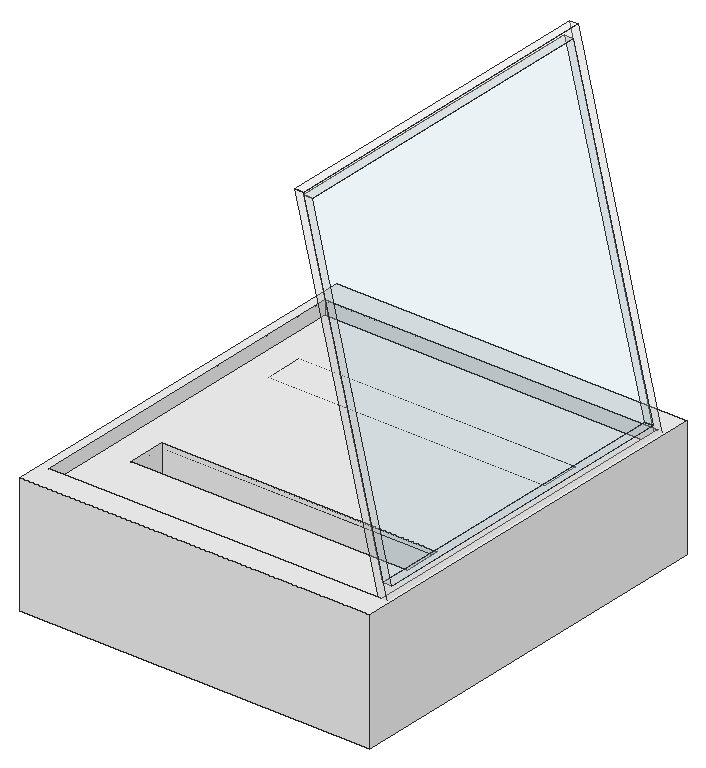
Revit family "Building-ContenitoriParete-GEWISS-40CDK-CENTRALINI_IP65_2X", category Apparecchi elettrici, host Superficie, Revit 2016
Family settings
  Host = Superficie
  Mantenere orientamento annotazione = Sì
  Tipo di parte = Normale
  Quota connettore circolare = Usa diametro
  Numero OmniClass = 23.80.30.11.17
  Titolo OmniClass = Distribution Boards and Control Panels
  Taglio con vuoti quando caricato = No
  Condiviso = No
  Punto di calcolo locali = Sì
Parameters (values of type "GW40107 - QUADRO DIS.PARETE 36M.(18X2) IP65")
  voltaggio_quadro = 0 V
  fase1 = 0 VA
  Versione file RFA = "18.0"
  VISIBILITA'_QUADRO_IN PIANTA [instance] = yes
  VISIBILITA'_ETICHETTA QUADRO [instance] = yes
  URL = "https://www.gewiss.com/it/it"
  Tipo Materiale = "Halogen free secondo norma EN 60754-2"
  Termopressione con biglia = "70 °C"
  Tensione nominale di isolamento (Ui) = "1000 V"
  Tensione nominale = "400V"
  Tensione di isolamento: = "1000 V secondo EN 62208 sia in ac che in dc"
  Temperatura di impiego = "-25 +60 °C"
  Spostamento_x [instance] = 1000 mm
  Spostamento_effettivo_x [instance] = 1000 mm + Spostamento_x  # 2000 mm
  Spostamento_effettivo_x_ET [instance] = 1000 mm + Spostamento_x_ET  # 2000 mm
  Spostamento_x_ET = 1000 mm
  VISIBILITA'_SPORTELLO [instance] = yes
  VISIBILITA'_SIMBOLO_2D [instance] = yes
  Scheda Tecnica = "https://www.gewiss.com/it/it/search?q=GW40107"
  SEO = "Quadro"
  Resistenza agli urti = "IK09"
  QUADRO = FINITURA BIANCA
  Default Elevation = 1219.2 mm
  Prondita_quadro = 140 mm  # constant formula
  Produttore = "GEWISS S.p.A."
  Potenza dissipabile (W) = "43"
  Normativa = "EN 60670-1 (CEI 23-48) IEC60670-24 CEI 23-49"
  Norma di riferimento = "EN 60670-1 (CEI 23-48) IEC60670-24 CEI 23-49"
  Nome quadro [instance] = "Nome quadro"
  N.M. = 18
  N. mod. EN 50022: = "36 (18x2)"
  N. mod. EN 50022 = "36 (18x2)"
  Modello = "GW40107"
  Max.morsettiere installabili = "2 x18 moduli"
  L_quadro = 410 mm
  L_finestratura = Dimensione_modulo * N.M.  # 324 mm
  IDT = "3c4ae22a-7553-4dc5-ae30-2fcf832f6236"
  IDF = "9199d71a-6e6e-4f8a-8deb-20131af3a072"
  H_quadro = 463 mm
  H_finestratura = 45 mm  # constant formula
  Grado di protezione = "IP65"
  Glow Wire Test = "650°C"
  Dimensione_modulo = 18 mm
  Dim. esterne BxHxP (mm) = "410x463x140"
  Diametro_tubazione = 30 mm
  Descrizione = "QUADRO DIS.PARETE 36M.(18X2) IP65"
  Creato da GEWISS S.p.A. = ""
  Corrente nominale: = "125A"
  Colore porta = "Trasparente fume'"
  Colore = "Grigio RAL 7035"
  Codice Electrocod = "0321"
  Codice EAN = "8011564062221"
  Classe isolamento = "II (secondo Norma IEC 61140)"
  Catalogo Serie = "40 CDK"
  Catalogo = "BUILDING"
  COBie.Tagnumber = ""
  COBie.CreatedOn = ""
  COBie.CreatebBy = ""
  COBie.ComponentRegisterItemID = ""
  COBie.Component.TagNumber = ""
  COBie.Component.Space = ""
  COBie.Component.SerialNumber = ""
  COBie.Component.InstallationDate = ""
  COBie.Component.Description = ""
  COBie.Component.BarCode = ""
  Apertura [instance] = 45.00°
  Accessori per ripristino isolamento = "Tappi coprivite (GW44623) o staffe di fissaggio in resina (GW44621)"
Types (2, lengths in mm): name | Scheda Tecnica | Potenza dissipabile (W) | N.M. | N. mod. EN 50022: | N. mod. EN 50022 | Modello | Max.morsettiere installabili | L_quadro | L_finestratura | IDT | H_quadro | Dim. esterne BxHxP (mm) | Descrizione | Codice EAN
  GW40104 - QUADRO DIS.PARETE 24M.(12X2) IP65 | "https://www.gewiss.com/it/it/search?q=GW40104" | "32" | 12 | "24 (12X2)" | "24" | "GW40104" | "2 x 12 moduli" | 280 | 216 | "a213a277-fb7b-45c7-b5b3-717e799144de" | 420 | "298x420x140" | "QUADRO DIS.PARETE 24M.(12X2) IP65" | "8011564062207"
  GW40107 - QUADRO DIS.PARETE 36M.(18X2) IP65 | "https://www.gewiss.com/it/it/search?q=GW40107" | "43" | 18 | "36 (18x2)" | "36 (18x2)" | "GW40107" | "2 x18 moduli" | 410 | 324 | "3c4ae22a-7553-4dc5-ae30-2fcf832f6236" | 463 | "410x463x140" | "QUADRO DIS.PARETE 36M.(18X2) IP65" | "8011564062221"
Reference planes
  plane 1 "Centro (Fronte/Retro)": y = 0
  plane 2: z = 0
  plane 3 "Centro (Sinistra/Destra)": x = 0
  plane 4: x = -205
  plane 5: y = -231.5
  plane 6: x = 205
  plane 7: y = 231.5
  plane 8: x = -162
  plane 9: x = 162
  plane 10: z = 140
  plane 11: y = 201.5
  plane 12: y = -201.5
  plane 13 "POSIZIONE": z = 124
  plane 14: z = 84
  plane 15: z = 119
  plane 16: x = -2000
  plane 17: x = 0
  plane 18: y = 189.526
  plane 19: z = 534
  plane 20: y = -100.75
  plane 21: y = 100.75
  plane 22: y = -78.25
  plane 23: y = -123.25
  plane 24: y = 78.25
  plane 25: y = 123.25
  plane 26: y = 37.5
  plane 27: x = -195
  plane 28: x = 195
  plane 29: x = 0
  plane 30: y = -37.5
  plane 31: y = 191.5
  plane 32: y = -191.5
Forms (mm)
  Extrusion 1, solid, material "FINITURA BIANCA" <- "QUADRO"
    sketch origin (0, 0, 0) x (1, 0, 0) y (0, 1, 0)
      loop
        line (-205, 231.5) -> (-205, -231.5) -> (205, -231.5) -> (205, 231.5) -> (-205, 231.5)
    from 0 to 140
  Extrusion 2, void
    sketch origin (0, 0, 0) x (1, 0, 0) y (0, 1, 0)
      loop
        line (-195, 201.5) -> (-195, -201.5) -> (195, -201.5) -> (195, 201.5) -> (-195, 201.5)
    from 124 to 140
  Extrusion 3, void
    sketch origin (0, 0, 0) x (1, 0, 0) y (0, 1, 0)
      loop
        line (-162, -78.25) -> (-162, -123.25) -> (162, -123.25) -> (162, -78.25) -> (-162, -78.25)
    from 84 to 140
  Extrusion 4, solid, material "Default - Vetro", visible <- "VISIBILITA'_SPORTELLO"
    sketch origin (23.292, 0, -21.697) x (0.970296, 0, 0.241922) y (-0.241922, 0, 0.970296)
      loop
        line (211.558, 97.41) -> (211.558, 519.962) -> (201.558, 522.455) -> (201.558, 99.903) -> (211.558, 97.41)
    from -201.5 to 201.5
  Extrusion 5, void
    sketch origin (0, 155, 0) x (1, 0, 0) y (0, 1, 0)
      loop
        line (-162, -31.75) -> (-162, -76.75) -> (162, -76.75) -> (162, -31.75) -> (-162, -31.75)
    from 44 to 100
  Extrusion 6, solid, material "SUP_TRASPARENTE"
    sketch origin (0, 0, 124) x (-1, 0, 0) y (0, -1, 0)
      loop
        line (162, -123.25) -> (162, -78.25) -> (-162, -78.25) -> (-162, -123.25) -> (162, -123.25)
      loop
        line (162, 78.25) -> (162, 123.25) -> (-162, 123.25) -> (-162, 78.25) -> (162, 78.25)
    from -5 to 0
  Extrusion 7, void
    sketch origin (0, 0, 0) x (1, 0, 0) y (0, 0, 1)
      loop
        line (198.517, 150) -> (105.269, 524) -> (94.963, 524) -> (188.211, 150) -> (198.517, 150)
    from -191.5 to 191.5
  Extrusion 8, solid, material "Vetro", visible <- "VISIBILITA'_SPORTELLO"
    sketch origin (0, 0, 0) x (1, 0, 0) y (0, 0, 1)
      loop
        line (94.963, 524) -> (188.211, 150) -> (198.517, 150) -> (105.269, 524) -> (94.963, 524)
    from -191.5 to 191.5
Cuts and joins
  Extrusion 2, Extrusion 3, Extrusion 5 cuts Extrusion 1
  Extrusion 7 cuts Extrusion 4
Lines and regions (mm)
  Masking region 1, visible <- "VISIBILITA'_QUADRO_IN PIANTA"
    outline origin (0, 0, 0) x (1, 0, 0) y (0, 0, 1)
      loop
        line (-205, 140) -> (-205, 0) -> (205, 0) -> (205, 140) -> (-205, 140)
  symbolic lines, visible <- "VISIBILITA'_QUADRO_IN PIANTA"
    curve 1: arc (-205, 0, 140) -> (-173.791, 0, 296.9) -> (-84.914, 0, 429.914) r 410
    curve 2: line (-84.914, 0, 429.914) -> (205, 0, 140)
  model lines, style "InvisibleLines"
    curve 3: line (-162, -100.75, 124) -> (162, -100.75, 124)
    curve 4: line (-162, 100.75, 124) -> (162, 100.75, 124)
Dimensions and locks
  equal spacing: plane 8, plane 3 "Centro (Sinistra/Destra)", plane 9
  equal spacing: plane 4, plane 3 "Centro (Sinistra/Destra)", plane 6
  equal spacing: plane 7, plane 1 "Centro (Fronte/Retro)", plane 5
  "L_quadro": plane 4 to plane 6
  "H_quadro": plane 7 to plane 5
  "Prondita_quadro": plane 10 to plane 2
  "L_finestratura": plane 8 to plane 9
  locked: plane 7 to plane 11 at 30
  locked: plane 12 to plane 5 at 30
  locked: plane 13 "POSIZIONE" to plane 14 at 40
  locked: plane 10 to plane 13 "POSIZIONE" at 16
  locked: plane 13 "POSIZIONE" to plane 15 at 5
  plane 16 to plane 3 "Centro (Sinistra/Destra)" = 2000 mm
  "Spostamento_effettivo_x": plane 16 to plane 17
  "L_quadro": plane 19 to plane 13 "POSIZIONE"
  equal spacing: plane 12, plane 20, plane 1 "Centro (Fronte/Retro)"
  equal spacing: plane 11, plane 21, plane 1 "Centro (Fronte/Retro)"
  equal spacing: plane 22, plane 20, plane 23
  equal spacing: plane 25, plane 21, plane 24
  "H_finestratura": plane 25 to plane 24
  "H_finestratura": plane 22 to plane 23
  locked: plane 4 to plane 27 at 10
  locked: plane 28 to plane 6 at 10
  "Spostamento_effettivo_x_ET": plane 16 to plane 29
  equal spacing: plane 30, plane 1 "Centro (Fronte/Retro)", plane 26
  locked: Extrusion 7 sketch curve to plane 10 at 10
  locked: plane 19 to Extrusion 7 sketch curve at 10
  locked: plane 32 to plane 12 at 10
  locked: plane 11 to plane 31 at 10
  locked: plane 30 to plane 26 at 75
  "Apertura": angle curve 1 to curve 1
  aligned and locked: plane 2 to host face
  aligned and locked: level to host face
  aligned and locked: Extrusion 1 sketch curve to plane 4
  aligned and locked: Extrusion 1 sketch curve to plane 7
  aligned and locked: Extrusion 1 sketch curve to plane 6
  aligned and locked: Extrusion 1 sketch curve to plane 5
  aligned and locked: plane 10 to Extrusion 1
  aligned and locked: Extrusion 2 sketch curve to plane 11
  aligned and locked: Extrusion 2 sketch curve to plane 12
  aligned and locked: Extrusion 2 to plane 13 "POSIZIONE"
  aligned and locked: plane 10 to Extrusion 2
  aligned and locked: Extrusion 3 sketch curve to plane 8
  aligned and locked: Extrusion 3 sketch curve to plane 9
  aligned and locked: Extrusion 3 to plane 14
  aligned and locked: plane 10 to Extrusion 3
  aligned and locked: Masking region 1 sketch curve to plane 4
  aligned and locked: Masking region 1 sketch curve to plane 6
  aligned and locked: Masking region 1 sketch curve to level
  aligned and locked: Masking region 1 sketch curve to plane 10
  aligned and locked: plane 11 to Extrusion 4
  aligned and locked: Extrusion 4 to plane 12
  aligned and locked: Extrusion 4 sketch curve to plane 13 "POSIZIONE"
  aligned and locked: plane 6 to Extrusion 4 sketch curve
  aligned and locked: Extrusion 4 sketch curve to plane 19
  aligned and locked: plane 10 to curve 2
  aligned and locked: plane 8 to curve 3
  aligned and locked: plane 9 to curve 3
  aligned and locked: plane 17 to nested 2
  aligned and locked: Extrusion 3 to plane 23
  aligned and locked: plane 22 to Extrusion 3
  aligned and locked: cut or joined group of Extrusion 1, Extrusion 2, Extrusion 3, Extrusion 5 to plane 25
  aligned and locked: cut or joined group of Extrusion 1, Extrusion 2, Extrusion 3, Extrusion 5 to plane 24
  aligned and locked: curve 3 to plane 20
  aligned and locked: curve 4 to plane 21
  aligned and locked: Extrusion 2 sketch curve to plane 27
  aligned and locked: Extrusion 2 sketch curve to plane 28
  aligned and locked: Extrusion 6 sketch curve to plane 25
  aligned and locked: Extrusion 6 sketch curve to plane 24
  aligned and locked: Extrusion 6 sketch curve to plane 8  (x2)
  aligned and locked: Extrusion 6 sketch curve to plane 9  (x2)
  aligned and locked: Extrusion 6 sketch curve to plane 22
  aligned and locked: Extrusion 6 sketch curve to plane 23
  aligned and locked: Extrusion 6 to plane 15
  aligned and locked: plane 13 "POSIZIONE" to Extrusion 6
  aligned and locked: plane 29 to nested 1
  aligned and locked: Extrusion 4 to Extrusion 7 sketch curve  (x2)
  aligned and locked: plane 31 to Extrusion 7
  aligned and locked: Extrusion 7 to plane 32
  aligned and locked: cut or joined group of Extrusion 4, Extrusion 7 to Extrusion 8 sketch curve  (x2)
  aligned and locked: Extrusion 8 sketch curve to cut or joined group of Extrusion 4, Extrusion 7  (x2)
  aligned and locked: plane 31 to Extrusion 8
  aligned and locked: Extrusion 8 to plane 32
Automatic sketch dimensions
  host sketch curve to host sketch curve = 2438.4 mm  (x2)
  Extrusion 4 sketch curve to Extrusion 4 sketch curve = 10 mm
  Extrusion 3 sketch curve to plane 23 = 0 mm
  Extrusion 3 sketch curve to plane 22 = 0 mm
  curve 4 to plane 9 = 0 mm
  curve 4 to plane 8 = 0 mm
  Extrusion 5 sketch curve to plane 8 = 0 mm
  Extrusion 5 sketch curve to plane 9 = 0 mm
  Extrusion 5 sketch curve to plane 24 = 0 mm
  Extrusion 5 sketch curve to plane 25 = 0 mm
  curve 1 to plane 4 = 0 mm
  plane 6 to curve 2 = 0 mm
  plane 6 to curve 1 = 0 mm
  curve 1 to plane 10 = 0 mm
Nested families
  nested 1: "etichetta quadro" at (0, 185.807, 0), visible <- "VISIBILITA'_ETICHETTA QUADRO", type "etichetta quadro"
  nested 2: "CENTRALINO" at (0, 396.712, 0), SIMBOLO ACCESO <- "VISIBILITA'_SIMBOLO_2D", type "CENTRALINO"
    with SIMBOLO ACCESO yes, BORDO ACCESO yes
Connectors
  electrical at (0, -231.5, 70), driven by "voltaggio_quadro", driven by "fase1"
    settings: on cut or joined group of Extrusion 1, Extrusion 2, Extrusion 3, Extrusion 5, index 1, voltage 0 V, apparent load 0 VA, apparent load phase1 0 VA, apparent load phase2 0 VA, apparent load phase3 0 VA, power factor 1, load classification "Altro", number of poles 1, system type 31, power factor state 1, is connector primary yes, connector utility no, sub classification motor no, connector description ""
  cabletrayconduit at (0, 231.5, 70), diameter 30, driven by "Diametro_tubazione"
    settings: on cut or joined group of Extrusion 1, Extrusion 2, Extrusion 3, Extrusion 5, index 2, connector width 300 mm, connector height 300 mm, connector angle 0.00°, system type 32, placement type 0, profile type 0, connector reference index -1, is primary connector yes, connector utility param no, connector description ""
Definition of nested family "etichetta quadro"
  Parameters (values of type "etichetta quadro")
    Nome Quadro = "Nome quadro"
  Reference planes
    plane 1: y = 0
    plane 2: x = 0
  Text (mm)
    label "QE" at (0.542, 2.149, 0), shows "Nome Quadro"
Definition of nested family "CENTRALINO"
  Parameters (values of type "CENTRALINO")
    SIMBOLO ACCESO [instance] = yes
    Distanza dal muro = 4.208 mm
    BORDO ACCESO [instance] = yes
  Reference planes
    plane 1: y = 0
    plane 2: x = 0
  Lines and regions (mm)
    detail lines, visible <- "BORDO ACCESO", not visible
      curve 1: line (-2.443, 10.208, 0) -> (2.057, 10.208, 0)
      curve 2: line (2.057, 10.208, 0) -> (2.057, 4.208, 0)
      curve 3: line (2.057, 4.208, 0) -> (-2.443, 4.208, 0)
      curve 4: line (-2.443, 4.208, 0) -> (-2.443, 10.208, 0)
      curve 5: line (-2.043, 9.808, 0) -> (1.657, 9.808, 0)
      curve 6: line (1.657, 9.808, 0) -> (1.657, 4.608, 0)
      curve 7: line (1.657, 4.608, 0) -> (-2.043, 4.608, 0)
      curve 8: line (-2.043, 4.608, 0) -> (-2.043, 9.808, 0)
    detail lines, visible <- "SIMBOLO ACCESO"
      curve 9: line (0, 1.086, 0) -> (0, 0.282, 0)
      curve 10: line (0.79, 1.086, 0) -> (0.79, 1.877, 0)
      curve 11: line (0.79, 1.877, 0) -> (-0.79, 1.877, 0)
      curve 12: line (-0.79, 1.877, 0) -> (-0.79, 1.086, 0)
      curve 13: line (-0.79, 1.086, 0) -> (0.79, 1.086, 0)
      curve 14: line (0.596, 1.877, 0) -> (0.596, 2.682, 0)
      curve 15: line (0.201, 1.877, 0) -> (0.201, 2.682, 0)
      curve 16: line (-0.194, 1.877, 0) -> (-0.194, 2.682, 0)
      curve 17: line (-0.59, 1.877, 0) -> (-0.59, 2.682, 0)
